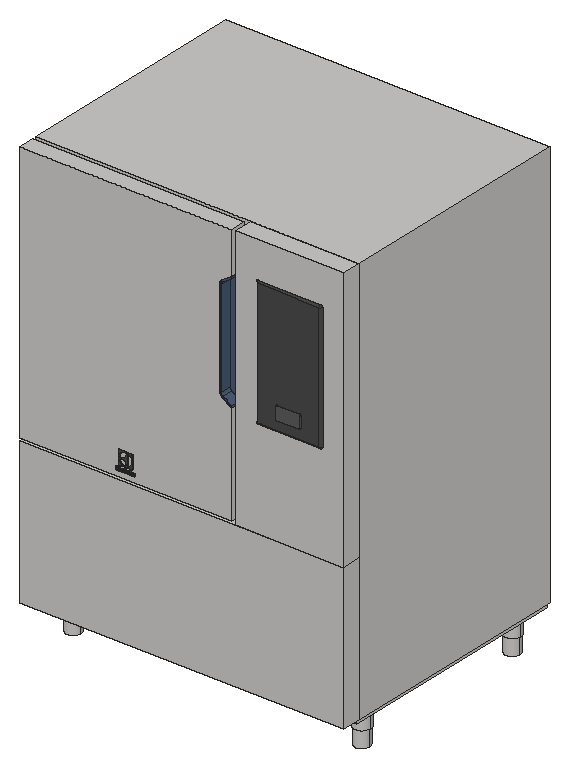
Revit family "QF_ELECTROLUXPROFESSIONAL_727740_EBFA12E", category Specialty Equipment, Revit 2018 (continued)
Automatic sketch dimensions
  Split face 35 sketch curve to Extrusion 4 = 30.031 mm
  Split face 35 sketch curve to Split face 35 sketch curve = 110.016 mm
  Split face 35 sketch curve to Extrusion 4 = 203.478 mm
  Split face 35 sketch curve to Split face 35 sketch curve = 4.974 mm
  Split face 36 sketch curve to Extrusion 4 = 30.031 mm
  Split face 36 sketch curve to Split face 36 sketch curve = 110.016 mm
  Split face 36 sketch curve to Extrusion 4 = 193.978 mm
  Split face 36 sketch curve to Split face 36 sketch curve = 4.974 mm
  Split face 37 sketch curve to Extrusion 4 = 30.031 mm
  Split face 37 sketch curve to Split face 37 sketch curve = 110.016 mm
  Split face 37 sketch curve to Extrusion 4 = 184.478 mm
  Split face 37 sketch curve to Split face 37 sketch curve = 4.974 mm
  Split face 38 sketch curve to Extrusion 4 = 30.031 mm
  Split face 38 sketch curve to Split face 38 sketch curve = 110.016 mm
  Split face 38 sketch curve to Extrusion 4 = 174.978 mm
  Split face 38 sketch curve to Split face 38 sketch curve = 4.974 mm
  Split face 39 sketch curve to Extrusion 4 = 30.031 mm
  Split face 39 sketch curve to Split face 39 sketch curve = 110.016 mm
  Split face 39 sketch curve to Extrusion 4 = 165.478 mm
  Split face 39 sketch curve to Split face 39 sketch curve = 4.974 mm
  Split face 40 sketch curve to Extrusion 4 = 30.031 mm
  Split face 40 sketch curve to Split face 40 sketch curve = 110.016 mm
  Split face 40 sketch curve to Extrusion 4 = 155.978 mm
  Split face 40 sketch curve to Split face 40 sketch curve = 4.974 mm
  Split face 41 sketch curve to Extrusion 4 = 30.031 mm
  Split face 41 sketch curve to Split face 41 sketch curve = 110.016 mm
  Split face 41 sketch curve to Extrusion 4 = 146.478 mm
  Split face 41 sketch curve to Split face 41 sketch curve = 4.974 mm
  Split face 42 sketch curve to Extrusion 4 = 33.499 mm
  Split face 42 sketch curve to Extrusion 4 = 150.022 mm
  Split face 42 sketch curve to Extrusion 4 = 28.525 mm
  Split face 42 sketch curve to Split face 42 sketch curve = 110.016 mm
  Split face 43 sketch curve to Extrusion 4 = 42.999 mm
  Split face 43 sketch curve to Extrusion 4 = 150.022 mm
  Split face 43 sketch curve to Extrusion 4 = 38.025 mm
  Split face 43 sketch curve to Split face 43 sketch curve = 110.016 mm
  Split face 44 sketch curve to Extrusion 4 = 52.499 mm
  Split face 44 sketch curve to Extrusion 4 = 150.022 mm
  Split face 44 sketch curve to Extrusion 4 = 47.525 mm
  Split face 44 sketch curve to Split face 44 sketch curve = 110.016 mm
  Split face 45 sketch curve to Extrusion 4 = 61.999 mm
  Split face 45 sketch curve to Extrusion 4 = 150.022 mm
  Split face 45 sketch curve to Split face 45 sketch curve = 110.016 mm
  Split face 45 sketch curve to Split face 45 sketch curve = 4.974 mm
  Split face 46 sketch curve to Extrusion 4 = 71.499 mm
  Split face 46 sketch curve to Extrusion 4 = 150.022 mm
  Split face 46 sketch curve to Split face 46 sketch curve = 110.016 mm
  Split face 46 sketch curve to Split face 46 sketch curve = 4.974 mm
  Split face 47 sketch curve to Extrusion 4 = 150.022 mm
  Split face 47 sketch curve to Split face 47 sketch curve = 110.016 mm
  Split face 47 sketch curve to Extrusion 4 = 80.999 mm
  Split face 47 sketch curve to Split face 47 sketch curve = 4.974 mm
  Split face 48 sketch curve to Extrusion 4 = 150.022 mm
  Split face 48 sketch curve to Split face 48 sketch curve = 110.016 mm
  Split face 48 sketch curve to Extrusion 4 = 90.499 mm
  Split face 48 sketch curve to Split face 48 sketch curve = 4.974 mm
  Split face 49 sketch curve to Extrusion 4 = 150.022 mm
  Split face 49 sketch curve to Split face 49 sketch curve = 110.016 mm
  Split face 49 sketch curve to Extrusion 4 = 99.999 mm
  Split face 49 sketch curve to Split face 49 sketch curve = 4.974 mm
  Split face 50 sketch curve to Extrusion 4 = 150.022 mm
  Split face 50 sketch curve to Split face 50 sketch curve = 110.016 mm
  Split face 50 sketch curve to Extrusion 4 = 109.499 mm
  Split face 50 sketch curve to Split face 50 sketch curve = 4.974 mm
  Split face 51 sketch curve to Extrusion 4 = 150.022 mm
  Split face 51 sketch curve to Split face 51 sketch curve = 110.016 mm
  Split face 51 sketch curve to Extrusion 4 = 119 mm
  Split face 51 sketch curve to Split face 51 sketch curve = 4.974 mm
  Split face 52 sketch curve to Extrusion 4 = 150.022 mm
  Split face 52 sketch curve to Split face 52 sketch curve = 110.016 mm
  Split face 52 sketch curve to Extrusion 4 = 128.5 mm
  Split face 52 sketch curve to Split face 52 sketch curve = 4.974 mm
  Split face 53 sketch curve to Extrusion 4 = 150.022 mm
  Split face 53 sketch curve to Split face 53 sketch curve = 110.016 mm
  Split face 53 sketch curve to Extrusion 4 = 138 mm
  Split face 53 sketch curve to Split face 53 sketch curve = 4.974 mm
  Split face 54 sketch curve to Extrusion 4 = 150.022 mm
  Split face 54 sketch curve to Split face 54 sketch curve = 110.016 mm
  Split face 54 sketch curve to Extrusion 4 = 147.5 mm
  Split face 54 sketch curve to Split face 54 sketch curve = 4.974 mm
  Split face 55 sketch curve to Extrusion 4 = 150.022 mm
  Split face 55 sketch curve to Split face 55 sketch curve = 110.016 mm
  Split face 55 sketch curve to Extrusion 4 = 157 mm
  Split face 55 sketch curve to Split face 55 sketch curve = 4.974 mm
  Split face 56 sketch curve to Extrusion 4 = 150.022 mm
  Split face 56 sketch curve to Split face 56 sketch curve = 110.016 mm
  Split face 56 sketch curve to Extrusion 4 = 166.5 mm
  Split face 56 sketch curve to Split face 56 sketch curve = 4.974 mm
  Split face 57 sketch curve to Extrusion 4 = 150.022 mm
  Split face 57 sketch curve to Split face 57 sketch curve = 110.016 mm
  Split face 57 sketch curve to Extrusion 4 = 176 mm
  Split face 57 sketch curve to Split face 57 sketch curve = 4.974 mm
  Split face 58 sketch curve to Extrusion 4 = 150.022 mm
  Split face 58 sketch curve to Split face 58 sketch curve = 110.016 mm
  Split face 58 sketch curve to Extrusion 4 = 185.5 mm
  Split face 58 sketch curve to Split face 58 sketch curve = 4.974 mm
  Split face 59 sketch curve to Extrusion 4 = 150.022 mm
  Split face 59 sketch curve to Split face 59 sketch curve = 110.016 mm
  Split face 59 sketch curve to Extrusion 4 = 195 mm
  Split face 59 sketch curve to Split face 59 sketch curve = 4.974 mm
  Split face 60 sketch curve to Extrusion 4 = 150.022 mm
  Split face 60 sketch curve to Split face 60 sketch curve = 110.016 mm
  Split face 60 sketch curve to Extrusion 4 = 204.5 mm
  Split face 60 sketch curve to Split face 60 sketch curve = 4.974 mm
  Split face 61 sketch curve to Extrusion 4 = 150.022 mm
  Split face 61 sketch curve to Split face 61 sketch curve = 110.016 mm
  Split face 61 sketch curve to Extrusion 4 = 214 mm
  Split face 61 sketch curve to Split face 61 sketch curve = 4.974 mm
  Split face 62 sketch curve to Extrusion 4 = 150.022 mm
  Split face 62 sketch curve to Split face 62 sketch curve = 110.016 mm
  Split face 62 sketch curve to Extrusion 4 = 223.5 mm
  Split face 62 sketch curve to Split face 62 sketch curve = 4.974 mm
  Split face 63 sketch curve to Extrusion 4 = 150.022 mm
  Split face 63 sketch curve to Split face 63 sketch curve = 110.016 mm
  Split face 63 sketch curve to Extrusion 4 = 233.001 mm
  Split face 63 sketch curve to Split face 63 sketch curve = 4.974 mm
  Split face 64 sketch curve to Extrusion 4 = 150.022 mm
  Split face 64 sketch curve to Split face 64 sketch curve = 110.016 mm
  Split face 64 sketch curve to Extrusion 4 = 242.501 mm
  Split face 64 sketch curve to Split face 64 sketch curve = 4.974 mm
  Split face 65 sketch curve to Extrusion 4 = 150.022 mm
  Split face 65 sketch curve to Split face 65 sketch curve = 110.016 mm
  Split face 65 sketch curve to Extrusion 4 = 252.001 mm
  Split face 65 sketch curve to Split face 65 sketch curve = 4.974 mm
  Split face 66 sketch curve to Extrusion 4 = 150.022 mm
  Split face 66 sketch curve to Split face 66 sketch curve = 110.016 mm
  Split face 66 sketch curve to Extrusion 4 = 261.501 mm
  Split face 66 sketch curve to Split face 66 sketch curve = 4.974 mm
  Split face 67 sketch curve to Extrusion 4 = 150.022 mm
  Split face 67 sketch curve to Split face 67 sketch curve = 110.016 mm
  Split face 67 sketch curve to Extrusion 4 = 271.001 mm
  Split face 67 sketch curve to Split face 67 sketch curve = 4.974 mm
  Split face 68 sketch curve to Extrusion 4 = 150.022 mm
  Split face 68 sketch curve to Split face 68 sketch curve = 110.016 mm
  Split face 68 sketch curve to Extrusion 4 = 279.479 mm
  Split face 68 sketch curve to Split face 68 sketch curve = 4.974 mm
  Split face 69 sketch curve to Extrusion 4 = 150.022 mm
  Split face 69 sketch curve to Split face 69 sketch curve = 110.016 mm
  Split face 69 sketch curve to Extrusion 4 = 269.979 mm
  Split face 69 sketch curve to Split face 69 sketch curve = 4.974 mm
  Split face 70 sketch curve to Extrusion 4 = 150.022 mm
  Split face 70 sketch curve to Split face 70 sketch curve = 110.016 mm
  Split face 70 sketch curve to Extrusion 4 = 260.479 mm
  Split face 70 sketch curve to Split face 70 sketch curve = 4.974 mm
  Split face 71 sketch curve to Extrusion 4 = 150.022 mm
  Split face 71 sketch curve to Split face 71 sketch curve = 110.016 mm
  Split face 71 sketch curve to Extrusion 4 = 250.978 mm
  Split face 71 sketch curve to Split face 71 sketch curve = 4.974 mm
  Split face 72 sketch curve to Extrusion 4 = 150.022 mm
  Split face 72 sketch curve to Split face 72 sketch curve = 110.016 mm
  Split face 72 sketch curve to Extrusion 4 = 241.478 mm
  Split face 72 sketch curve to Split face 72 sketch curve = 4.974 mm
  Split face 73 sketch curve to Extrusion 4 = 150.022 mm
  Split face 73 sketch curve to Split face 73 sketch curve = 110.016 mm
  Split face 73 sketch curve to Extrusion 4 = 231.978 mm
  Split face 73 sketch curve to Split face 73 sketch curve = 4.974 mm
  Split face 74 sketch curve to Extrusion 4 = 150.022 mm
  Split face 74 sketch curve to Split face 74 sketch curve = 110.016 mm
  Split face 74 sketch curve to Extrusion 4 = 222.478 mm
  Split face 74 sketch curve to Split face 74 sketch curve = 4.974 mm
  Split face 75 sketch curve to Extrusion 4 = 150.022 mm
  Split face 75 sketch curve to Split face 75 sketch curve = 110.016 mm
  Split face 75 sketch curve to Extrusion 4 = 212.978 mm
  Split face 75 sketch curve to Split face 75 sketch curve = 4.974 mm
  Split face 76 sketch curve to Extrusion 4 = 150.022 mm
  Split face 76 sketch curve to Split face 76 sketch curve = 110.016 mm
  Split face 76 sketch curve to Extrusion 4 = 203.478 mm
  Split face 76 sketch curve to Split face 76 sketch curve = 4.974 mm
  Split face 77 sketch curve to Extrusion 4 = 150.022 mm
  Split face 77 sketch curve to Split face 77 sketch curve = 110.016 mm
  Split face 77 sketch curve to Extrusion 4 = 193.978 mm
  Split face 77 sketch curve to Split face 77 sketch curve = 4.974 mm
  Split face 78 sketch curve to Extrusion 4 = 150.022 mm
  Split face 78 sketch curve to Split face 78 sketch curve = 110.016 mm
  Split face 78 sketch curve to Extrusion 4 = 184.478 mm
  Split face 78 sketch curve to Split face 78 sketch curve = 4.974 mm
  Split face 79 sketch curve to Extrusion 4 = 150.022 mm
  Split face 79 sketch curve to Split face 79 sketch curve = 110.016 mm
  Split face 79 sketch curve to Extrusion 4 = 174.978 mm
  Split face 79 sketch curve to Split face 79 sketch curve = 4.974 mm
  Split face 80 sketch curve to Extrusion 4 = 150.022 mm
  Split face 80 sketch curve to Split face 80 sketch curve = 110.016 mm
  Split face 80 sketch curve to Extrusion 4 = 165.478 mm
  Split face 80 sketch curve to Split face 80 sketch curve = 4.974 mm
  Split face 81 sketch curve to Extrusion 4 = 150.022 mm
  Split face 81 sketch curve to Split face 81 sketch curve = 110.016 mm
  Split face 81 sketch curve to Extrusion 4 = 155.978 mm
  Split face 81 sketch curve to Split face 81 sketch curve = 4.974 mm
  Split face 82 sketch curve to Extrusion 4 = 150.022 mm
  Split face 82 sketch curve to Split face 82 sketch curve = 110.016 mm
  Split face 82 sketch curve to Extrusion 4 = 146.478 mm
  Split face 82 sketch curve to Split face 82 sketch curve = 4.974 mm
  Split face 83 sketch curve to Extrusion 4 = 33.499 mm
  Split face 83 sketch curve to Extrusion 4 = 270.014 mm
  Split face 83 sketch curve to Extrusion 4 = 28.525 mm
  Split face 83 sketch curve to Split face 83 sketch curve = 110.016 mm
  Split face 84 sketch curve to Extrusion 4 = 42.999 mm
  Split face 84 sketch curve to Extrusion 4 = 270.014 mm
  Split face 84 sketch curve to Extrusion 4 = 38.025 mm
  Split face 84 sketch curve to Split face 84 sketch curve = 110.016 mm
  Split face 85 sketch curve to Extrusion 4 = 52.499 mm
  Split face 85 sketch curve to Extrusion 4 = 270.014 mm
  Split face 85 sketch curve to Extrusion 4 = 47.525 mm
  Split face 85 sketch curve to Split face 85 sketch curve = 110.016 mm
  Split face 86 sketch curve to Extrusion 4 = 61.999 mm
  Split face 86 sketch curve to Extrusion 4 = 270.014 mm
  Split face 86 sketch curve to Split face 86 sketch curve = 110.016 mm
  Split face 86 sketch curve to Split face 86 sketch curve = 4.974 mm
  Split face 87 sketch curve to Extrusion 4 = 71.499 mm
  Split face 87 sketch curve to Extrusion 4 = 270.014 mm
  Split face 87 sketch curve to Split face 87 sketch curve = 110.016 mm
  Split face 87 sketch curve to Split face 87 sketch curve = 4.974 mm
  Split face 88 sketch curve to Extrusion 4 = 80.999 mm
  Split face 88 sketch curve to Extrusion 4 = 270.014 mm
  Split face 88 sketch curve to Split face 88 sketch curve = 110.016 mm
  Split face 88 sketch curve to Split face 88 sketch curve = 4.974 mm
  Split face 89 sketch curve to Extrusion 4 = 90.499 mm
  Split face 89 sketch curve to Extrusion 4 = 270.014 mm
  Split face 89 sketch curve to Split face 89 sketch curve = 110.016 mm
  Split face 89 sketch curve to Split face 89 sketch curve = 4.974 mm
  Split face 90 sketch curve to Extrusion 4 = 99.999 mm
  Split face 90 sketch curve to Extrusion 4 = 270.014 mm
  Split face 90 sketch curve to Split face 90 sketch curve = 110.016 mm
  Split face 90 sketch curve to Split face 90 sketch curve = 4.974 mm
  Split face 91 sketch curve to Extrusion 4 = 109.499 mm
  Split face 91 sketch curve to Extrusion 4 = 270.014 mm
  Split face 91 sketch curve to Split face 91 sketch curve = 110.016 mm
  Split face 91 sketch curve to Split face 91 sketch curve = 4.974 mm
  Split face 92 sketch curve to Extrusion 4 = 119 mm
  Split face 92 sketch curve to Extrusion 4 = 270.014 mm
  Split face 92 sketch curve to Split face 92 sketch curve = 110.016 mm
  Split face 92 sketch curve to Split face 92 sketch curve = 4.974 mm
  Split face 93 sketch curve to Extrusion 4 = 128.5 mm
  Split face 93 sketch curve to Extrusion 4 = 270.014 mm
  Split face 93 sketch curve to Split face 93 sketch curve = 110.016 mm
  Split face 93 sketch curve to Split face 93 sketch curve = 4.974 mm
  Split face 94 sketch curve to Extrusion 4 = 270.014 mm
  Split face 94 sketch curve to Split face 94 sketch curve = 110.016 mm
  Split face 94 sketch curve to Extrusion 4 = 138 mm
  Split face 94 sketch curve to Split face 94 sketch curve = 4.974 mm
  Split face 95 sketch curve to Extrusion 4 = 270.014 mm
  Split face 95 sketch curve to Split face 95 sketch curve = 110.016 mm
  Split face 95 sketch curve to Extrusion 4 = 147.5 mm
  Split face 95 sketch curve to Split face 95 sketch curve = 4.974 mm
  Split face 96 sketch curve to Extrusion 4 = 270.014 mm
  Split face 96 sketch curve to Split face 96 sketch curve = 110.016 mm
  Split face 96 sketch curve to Extrusion 4 = 157 mm
  Split face 96 sketch curve to Split face 96 sketch curve = 4.974 mm
  Split face 97 sketch curve to Extrusion 4 = 270.014 mm
  Split face 97 sketch curve to Split face 97 sketch curve = 110.016 mm
  Split face 97 sketch curve to Extrusion 4 = 166.5 mm
  Split face 97 sketch curve to Split face 97 sketch curve = 4.974 mm
  Split face 98 sketch curve to Extrusion 4 = 270.014 mm
  Split face 98 sketch curve to Split face 98 sketch curve = 110.016 mm
  Split face 98 sketch curve to Extrusion 4 = 176 mm
  Split face 98 sketch curve to Split face 98 sketch curve = 4.974 mm
  Split face 99 sketch curve to Extrusion 4 = 270.014 mm
  Split face 99 sketch curve to Split face 99 sketch curve = 110.016 mm
  Split face 99 sketch curve to Extrusion 4 = 185.5 mm
  Split face 99 sketch curve to Split face 99 sketch curve = 4.974 mm
  Split face 100 sketch curve to Extrusion 4 = 270.014 mm
  Split face 100 sketch curve to Split face 100 sketch curve = 110.016 mm
  Split face 100 sketch curve to Extrusion 4 = 195 mm
  Split face 100 sketch curve to Split face 100 sketch curve = 4.974 mm
  Split face 101 sketch curve to Extrusion 4 = 270.014 mm
  Split face 101 sketch curve to Split face 101 sketch curve = 110.016 mm
  Split face 101 sketch curve to Extrusion 4 = 204.5 mm
  Split face 101 sketch curve to Split face 101 sketch curve = 4.974 mm
  Split face 102 sketch curve to Extrusion 4 = 270.014 mm
  Split face 102 sketch curve to Split face 102 sketch curve = 110.016 mm
  Split face 102 sketch curve to Extrusion 4 = 214 mm
  Split face 102 sketch curve to Split face 102 sketch curve = 4.974 mm
  Split face 103 sketch curve to Extrusion 4 = 270.014 mm
  Split face 103 sketch curve to Split face 103 sketch curve = 110.016 mm
  Split face 103 sketch curve to Extrusion 4 = 223.5 mm
  Split face 103 sketch curve to Split face 103 sketch curve = 4.974 mm
  Split face 104 sketch curve to Extrusion 4 = 270.014 mm
  Split face 104 sketch curve to Split face 104 sketch curve = 110.016 mm
  Split face 104 sketch curve to Extrusion 4 = 233.001 mm
  Split face 104 sketch curve to Split face 104 sketch curve = 4.974 mm
  Split face 105 sketch curve to Extrusion 4 = 270.014 mm
  Split face 105 sketch curve to Split face 105 sketch curve = 110.016 mm
  Split face 105 sketch curve to Extrusion 4 = 242.501 mm
  Split face 105 sketch curve to Split face 105 sketch curve = 4.974 mm
  Split face 106 sketch curve to Extrusion 4 = 270.014 mm
  Split face 106 sketch curve to Split face 106 sketch curve = 110.016 mm
  Split face 106 sketch curve to Extrusion 4 = 252.001 mm
  Split face 106 sketch curve to Split face 106 sketch curve = 4.974 mm
  Split face 107 sketch curve to Extrusion 4 = 270.014 mm
  Split face 107 sketch curve to Split face 107 sketch curve = 110.016 mm
  Split face 107 sketch curve to Extrusion 4 = 261.501 mm
  Split face 107 sketch curve to Split face 107 sketch curve = 4.974 mm
  Split face 108 sketch curve to Extrusion 4 = 270.014 mm
  Split face 108 sketch curve to Split face 108 sketch curve = 110.016 mm
  Split face 108 sketch curve to Extrusion 4 = 271.001 mm
  Split face 108 sketch curve to Split face 108 sketch curve = 4.974 mm
  Split face 109 sketch curve to Extrusion 4 = 270.014 mm
  Split face 109 sketch curve to Split face 109 sketch curve = 110.016 mm
  Split face 109 sketch curve to Extrusion 4 = 279.479 mm
  Split face 109 sketch curve to Split face 109 sketch curve = 4.974 mm
  Split face 110 sketch curve to Extrusion 4 = 270.014 mm
  Split face 110 sketch curve to Split face 110 sketch curve = 110.016 mm
  Split face 110 sketch curve to Extrusion 4 = 269.979 mm
  Split face 110 sketch curve to Split face 110 sketch curve = 4.974 mm
  Split face 111 sketch curve to Extrusion 4 = 270.014 mm
  Split face 111 sketch curve to Split face 111 sketch curve = 110.016 mm
  Split face 111 sketch curve to Extrusion 4 = 260.479 mm
  Split face 111 sketch curve to Split face 111 sketch curve = 4.974 mm
  Split face 112 sketch curve to Extrusion 4 = 270.014 mm
  Split face 112 sketch curve to Split face 112 sketch curve = 110.016 mm
  Split face 112 sketch curve to Extrusion 4 = 250.978 mm
  Split face 112 sketch curve to Split face 112 sketch curve = 4.974 mm
  Split face 113 sketch curve to Extrusion 4 = 270.014 mm
  Split face 113 sketch curve to Split face 113 sketch curve = 110.016 mm
  Split face 113 sketch curve to Extrusion 4 = 241.478 mm
  Split face 113 sketch curve to Split face 113 sketch curve = 4.974 mm
  Split face 114 sketch curve to Extrusion 4 = 270.014 mm
  Split face 114 sketch curve to Split face 114 sketch curve = 110.016 mm
  Split face 114 sketch curve to Extrusion 4 = 231.978 mm
  Split face 114 sketch curve to Split face 114 sketch curve = 4.974 mm
  Split face 115 sketch curve to Extrusion 4 = 270.014 mm
  Split face 115 sketch curve to Split face 115 sketch curve = 110.016 mm
  Split face 115 sketch curve to Extrusion 4 = 222.478 mm
  Split face 115 sketch curve to Split face 115 sketch curve = 4.974 mm
  Split face 116 sketch curve to Extrusion 4 = 270.014 mm
  Split face 116 sketch curve to Split face 116 sketch curve = 110.016 mm
  Split face 116 sketch curve to Extrusion 4 = 212.978 mm
  Split face 116 sketch curve to Split face 116 sketch curve = 4.974 mm
  Split face 117 sketch curve to Extrusion 4 = 270.014 mm
  Split face 117 sketch curve to Split face 117 sketch curve = 110.016 mm
  Split face 117 sketch curve to Extrusion 4 = 203.478 mm
  Split face 117 sketch curve to Split face 117 sketch curve = 4.974 mm
  Split face 118 sketch curve to Extrusion 4 = 270.014 mm
  Split face 118 sketch curve to Split face 118 sketch curve = 110.016 mm
  Split face 118 sketch curve to Extrusion 4 = 193.978 mm
  Split face 118 sketch curve to Split face 118 sketch curve = 4.974 mm
  Split face 119 sketch curve to Extrusion 4 = 270.014 mm
  Split face 119 sketch curve to Split face 119 sketch curve = 110.016 mm
  Split face 119 sketch curve to Extrusion 4 = 184.478 mm
  Split face 119 sketch curve to Split face 119 sketch curve = 4.974 mm
  Split face 120 sketch curve to Extrusion 4 = 270.014 mm
  Split face 120 sketch curve to Split face 120 sketch curve = 110.016 mm
  Split face 120 sketch curve to Extrusion 4 = 174.978 mm
  Split face 120 sketch curve to Split face 120 sketch curve = 4.974 mm
  Split face 121 sketch curve to Extrusion 4 = 270.014 mm
  Split face 121 sketch curve to Split face 121 sketch curve = 110.016 mm
  Split face 121 sketch curve to Extrusion 4 = 165.478 mm
  Split face 121 sketch curve to Split face 121 sketch curve = 4.974 mm
  Split face 122 sketch curve to Extrusion 4 = 270.014 mm
  Split face 122 sketch curve to Split face 122 sketch curve = 110.016 mm
  Split face 122 sketch curve to Extrusion 4 = 155.978 mm
  Split face 122 sketch curve to Split face 122 sketch curve = 4.974 mm
  Split face 123 sketch curve to Extrusion 4 = 270.014 mm
  Split face 123 sketch curve to Split face 123 sketch curve = 110.016 mm
  Split face 123 sketch curve to Extrusion 4 = 146.478 mm
  Split face 123 sketch curve to Split face 123 sketch curve = 4.974 mm
  Split face 124 sketch curve to Extrusion 4 = 33.499 mm
  Split face 124 sketch curve to Extrusion 4 = 390.005 mm
  Split face 124 sketch curve to Extrusion 4 = 28.525 mm
  Split face 124 sketch curve to Split face 124 sketch curve = 110.016 mm
  Split face 125 sketch curve to Extrusion 4 = 42.999 mm
  Split face 125 sketch curve to Extrusion 4 = 390.005 mm
  Split face 125 sketch curve to Extrusion 4 = 38.025 mm
  Split face 125 sketch curve to Split face 125 sketch curve = 110.016 mm
  Split face 126 sketch curve to Extrusion 4 = 52.499 mm
  Split face 126 sketch curve to Extrusion 4 = 390.005 mm
  Split face 126 sketch curve to Extrusion 4 = 47.525 mm
  Split face 126 sketch curve to Split face 126 sketch curve = 110.016 mm
  Split face 127 sketch curve to Extrusion 4 = 61.999 mm
  Split face 127 sketch curve to Extrusion 4 = 390.005 mm
  Split face 127 sketch curve to Split face 127 sketch curve = 110.016 mm
  Split face 127 sketch curve to Split face 127 sketch curve = 4.974 mm
  Split face 128 sketch curve to Extrusion 4 = 71.499 mm
  Split face 128 sketch curve to Extrusion 4 = 390.005 mm
  Split face 128 sketch curve to Split face 128 sketch curve = 110.016 mm
  Split face 128 sketch curve to Split face 128 sketch curve = 4.974 mm
  Split face 129 sketch curve to Extrusion 4 = 80.999 mm
  Split face 129 sketch curve to Extrusion 4 = 390.005 mm
  Split face 129 sketch curve to Split face 129 sketch curve = 110.016 mm
  Split face 129 sketch curve to Split face 129 sketch curve = 4.974 mm
  Split face 130 sketch curve to Extrusion 4 = 90.499 mm
  Split face 130 sketch curve to Extrusion 4 = 390.005 mm
  Split face 130 sketch curve to Split face 130 sketch curve = 110.016 mm
  Split face 130 sketch curve to Split face 130 sketch curve = 4.974 mm
  Split face 131 sketch curve to Extrusion 4 = 99.999 mm
  Split face 131 sketch curve to Extrusion 4 = 390.005 mm
  Split face 131 sketch curve to Split face 131 sketch curve = 110.016 mm
  Split face 131 sketch curve to Split face 131 sketch curve = 4.974 mm
  Split face 132 sketch curve to Extrusion 4 = 109.499 mm
  Split face 132 sketch curve to Extrusion 4 = 390.005 mm
  Split face 132 sketch curve to Split face 132 sketch curve = 110.016 mm
  Split face 132 sketch curve to Split face 132 sketch curve = 4.974 mm
  Split face 133 sketch curve to Extrusion 4 = 119 mm
  Split face 133 sketch curve to Extrusion 4 = 390.005 mm
  Split face 133 sketch curve to Split face 133 sketch curve = 110.016 mm
  Split face 133 sketch curve to Split face 133 sketch curve = 4.974 mm
  Split face 134 sketch curve to Extrusion 4 = 128.5 mm
  Split face 134 sketch curve to Extrusion 4 = 390.005 mm
  Split face 134 sketch curve to Split face 134 sketch curve = 110.016 mm
  Split face 134 sketch curve to Split face 134 sketch curve = 4.974 mm
  Split face 135 sketch curve to Extrusion 4 = 138 mm
  Split face 135 sketch curve to Extrusion 4 = 390.005 mm
  Split face 135 sketch curve to Split face 135 sketch curve = 110.016 mm
  Split face 135 sketch curve to Split face 135 sketch curve = 4.974 mm
  Split face 136 sketch curve to Extrusion 4 = 147.5 mm
  Split face 136 sketch curve to Extrusion 4 = 390.005 mm
  Split face 136 sketch curve to Split face 136 sketch curve = 110.016 mm
  Split face 136 sketch curve to Split face 136 sketch curve = 4.974 mm
  Split face 137 sketch curve to Extrusion 4 = 157 mm
  Split face 137 sketch curve to Extrusion 4 = 390.005 mm
  Split face 137 sketch curve to Split face 137 sketch curve = 110.016 mm
  Split face 137 sketch curve to Split face 137 sketch curve = 4.974 mm
  Split face 138 sketch curve to Extrusion 4 = 166.5 mm
  Split face 138 sketch curve to Extrusion 4 = 390.005 mm
  Split face 138 sketch curve to Split face 138 sketch curve = 110.016 mm
  Split face 138 sketch curve to Split face 138 sketch curve = 4.974 mm
  Split face 139 sketch curve to Extrusion 4 = 176 mm
  Split face 139 sketch curve to Extrusion 4 = 390.005 mm
  Split face 139 sketch curve to Split face 139 sketch curve = 110.016 mm
  Split face 139 sketch curve to Split face 139 sketch curve = 4.974 mm
  Split face 140 sketch curve to Extrusion 4 = 185.5 mm
  Split face 140 sketch curve to Extrusion 4 = 390.005 mm
  Split face 140 sketch curve to Split face 140 sketch curve = 110.016 mm
  Split face 140 sketch curve to Split face 140 sketch curve = 4.974 mm
  Split face 141 sketch curve to Extrusion 4 = 195 mm
  Split face 141 sketch curve to Extrusion 4 = 390.005 mm
  Split face 141 sketch curve to Split face 141 sketch curve = 110.016 mm
  Split face 141 sketch curve to Split face 141 sketch curve = 4.974 mm
  Split face 142 sketch curve to Extrusion 4 = 390.005 mm
  Split face 142 sketch curve to Split face 142 sketch curve = 110.016 mm
  Split face 142 sketch curve to Extrusion 4 = 204.5 mm
  Split face 142 sketch curve to Split face 142 sketch curve = 4.974 mm
  Split face 143 sketch curve to Extrusion 4 = 390.005 mm
  Split face 143 sketch curve to Split face 143 sketch curve = 110.016 mm
  Split face 143 sketch curve to Extrusion 4 = 214 mm
  Split face 143 sketch curve to Split face 143 sketch curve = 4.974 mm
  Split face 144 sketch curve to Extrusion 4 = 390.005 mm
  Split face 144 sketch curve to Split face 144 sketch curve = 110.016 mm
  Split face 144 sketch curve to Extrusion 4 = 223.5 mm
  Split face 144 sketch curve to Split face 144 sketch curve = 4.974 mm
  Split face 145 sketch curve to Extrusion 4 = 390.005 mm
  Split face 145 sketch curve to Split face 145 sketch curve = 110.016 mm
  Split face 145 sketch curve to Extrusion 4 = 233.001 mm
  Split face 145 sketch curve to Split face 145 sketch curve = 4.974 mm
  Split face 146 sketch curve to Extrusion 4 = 390.005 mm
  Split face 146 sketch curve to Split face 146 sketch curve = 110.016 mm
  Split face 146 sketch curve to Extrusion 4 = 242.501 mm
  Split face 146 sketch curve to Split face 146 sketch curve = 4.974 mm
  Split face 147 sketch curve to Extrusion 4 = 390.005 mm
  Split face 147 sketch curve to Split face 147 sketch curve = 110.016 mm
  Split face 147 sketch curve to Extrusion 4 = 252.001 mm
  Split face 147 sketch curve to Split face 147 sketch curve = 4.974 mm
  Split face 148 sketch curve to Extrusion 4 = 390.005 mm
  Split face 148 sketch curve to Split face 148 sketch curve = 110.016 mm
  Split face 148 sketch curve to Extrusion 4 = 261.501 mm
  Split face 148 sketch curve to Split face 148 sketch curve = 4.974 mm
  Split face 149 sketch curve to Extrusion 4 = 390.005 mm
  Split face 149 sketch curve to Split face 149 sketch curve = 110.016 mm
  Split face 149 sketch curve to Extrusion 4 = 271.001 mm
  Split face 149 sketch curve to Split face 149 sketch curve = 4.974 mm
  Split face 150 sketch curve to Extrusion 4 = 390.005 mm
  Split face 150 sketch curve to Split face 150 sketch curve = 110.016 mm
  Split face 150 sketch curve to Extrusion 4 = 279.479 mm
  Split face 150 sketch curve to Split face 150 sketch curve = 4.974 mm
  Split face 151 sketch curve to Extrusion 4 = 390.005 mm
  Split face 151 sketch curve to Split face 151 sketch curve = 110.016 mm
  Split face 151 sketch curve to Extrusion 4 = 269.979 mm
  Split face 151 sketch curve to Split face 151 sketch curve = 4.974 mm
  Split face 152 sketch curve to Extrusion 4 = 390.005 mm
  Split face 152 sketch curve to Split face 152 sketch curve = 110.016 mm
  Split face 152 sketch curve to Extrusion 4 = 260.479 mm
  Split face 152 sketch curve to Split face 152 sketch curve = 4.974 mm
  Split face 153 sketch curve to Extrusion 4 = 390.005 mm
  Split face 153 sketch curve to Split face 153 sketch curve = 110.016 mm
  Split face 153 sketch curve to Extrusion 4 = 250.978 mm
  Split face 153 sketch curve to Split face 153 sketch curve = 4.974 mm
  Split face 154 sketch curve to Extrusion 4 = 390.005 mm
  Split face 154 sketch curve to Split face 154 sketch curve = 110.016 mm
  Split face 154 sketch curve to Extrusion 4 = 241.478 mm
  Split face 154 sketch curve to Split face 154 sketch curve = 4.974 mm
  Split face 155 sketch curve to Extrusion 4 = 390.005 mm
  Split face 155 sketch curve to Split face 155 sketch curve = 110.016 mm
  Split face 155 sketch curve to Extrusion 4 = 231.978 mm
  Split face 155 sketch curve to Split face 155 sketch curve = 4.974 mm
  Split face 156 sketch curve to Extrusion 4 = 390.005 mm
  Split face 156 sketch curve to Split face 156 sketch curve = 110.016 mm
  Split face 156 sketch curve to Extrusion 4 = 222.478 mm
  Split face 156 sketch curve to Split face 156 sketch curve = 4.974 mm
  Split face 157 sketch curve to Extrusion 4 = 390.005 mm
  Split face 157 sketch curve to Split face 157 sketch curve = 110.016 mm
  Split face 157 sketch curve to Extrusion 4 = 212.978 mm
  Split face 157 sketch curve to Split face 157 sketch curve = 4.974 mm
  Split face 158 sketch curve to Extrusion 4 = 390.005 mm
  Split face 158 sketch curve to Split face 158 sketch curve = 110.016 mm
  Split face 158 sketch curve to Extrusion 4 = 203.478 mm
  Split face 158 sketch curve to Split face 158 sketch curve = 4.974 mm
  Split face 159 sketch curve to Extrusion 4 = 193.978 mm
  Split face 159 sketch curve to Extrusion 4 = 390.005 mm
  Split face 159 sketch curve to Split face 159 sketch curve = 110.016 mm
  Split face 159 sketch curve to Split face 159 sketch curve = 4.974 mm
  Split face 160 sketch curve to Extrusion 4 = 184.478 mm
  Split face 160 sketch curve to Extrusion 4 = 390.005 mm
  Split face 160 sketch curve to Split face 160 sketch curve = 110.016 mm
  Split face 160 sketch curve to Split face 160 sketch curve = 4.974 mm
  Split face 161 sketch curve to Extrusion 4 = 174.978 mm
  Split face 161 sketch curve to Extrusion 4 = 390.005 mm
  Split face 161 sketch curve to Split face 161 sketch curve = 110.016 mm
  Split face 161 sketch curve to Split face 161 sketch curve = 4.974 mm
  Split face 162 sketch curve to Extrusion 4 = 165.478 mm
  Split face 162 sketch curve to Extrusion 4 = 390.005 mm
  Split face 162 sketch curve to Split face 162 sketch curve = 110.016 mm
  Split face 162 sketch curve to Split face 162 sketch curve = 4.974 mm
  Split face 163 sketch curve to Extrusion 4 = 155.978 mm
  Split face 163 sketch curve to Extrusion 4 = 390.005 mm
  Split face 163 sketch curve to Split face 163 sketch curve = 110.016 mm
  Split face 163 sketch curve to Split face 163 sketch curve = 4.974 mm
  Split face 164 sketch curve to Extrusion 4 = 146.478 mm
  Split face 164 sketch curve to Extrusion 4 = 390.005 mm
  Split face 164 sketch curve to Split face 164 sketch curve = 110.016 mm
  Split face 164 sketch curve to Split face 164 sketch curve = 4.974 mm
  Split face 165 sketch curve to Extrusion 4 = 33.499 mm
  Split face 165 sketch curve to Extrusion 4 = 380.03 mm
  Split face 165 sketch curve to Extrusion 4 = 28.525 mm
  Split face 165 sketch curve to Split face 165 sketch curve = 110.016 mm
  Split face 166 sketch curve to Extrusion 4 = 42.999 mm
  Split face 166 sketch curve to Extrusion 4 = 380.03 mm
  Split face 166 sketch curve to Extrusion 4 = 38.025 mm
  Split face 166 sketch curve to Split face 166 sketch curve = 110.016 mm
  Split face 167 sketch curve to Extrusion 4 = 52.499 mm
  Split face 167 sketch curve to Extrusion 4 = 380.03 mm
  Split face 167 sketch curve to Extrusion 4 = 47.525 mm
  Split face 167 sketch curve to Split face 167 sketch curve = 110.016 mm
  Split face 168 sketch curve to Extrusion 4 = 61.999 mm
  Split face 168 sketch curve to Extrusion 4 = 380.03 mm
  Split face 168 sketch curve to Split face 168 sketch curve = 110.016 mm
  Split face 168 sketch curve to Split face 168 sketch curve = 4.974 mm
  Split face 169 sketch curve to Extrusion 4 = 71.499 mm
  Split face 169 sketch curve to Extrusion 4 = 380.03 mm
  Split face 169 sketch curve to Split face 169 sketch curve = 110.016 mm
  Split face 169 sketch curve to Split face 169 sketch curve = 4.974 mm
  Split face 170 sketch curve to Extrusion 4 = 80.999 mm
  Split face 170 sketch curve to Extrusion 4 = 380.03 mm
  Split face 170 sketch curve to Split face 170 sketch curve = 110.016 mm
  Split face 170 sketch curve to Split face 170 sketch curve = 4.974 mm
  Split face 171 sketch curve to Extrusion 4 = 90.499 mm
  Split face 171 sketch curve to Extrusion 4 = 380.03 mm
  Split face 171 sketch curve to Split face 171 sketch curve = 110.016 mm
  Split face 171 sketch curve to Split face 171 sketch curve = 4.974 mm
  Split face 172 sketch curve to Extrusion 4 = 99.999 mm
  Split face 172 sketch curve to Extrusion 4 = 380.03 mm
  Split face 172 sketch curve to Split face 172 sketch curve = 110.016 mm
  Split face 172 sketch curve to Split face 172 sketch curve = 4.974 mm
  Split face 173 sketch curve to Extrusion 4 = 109.499 mm
  Split face 173 sketch curve to Extrusion 4 = 380.03 mm
  Split face 173 sketch curve to Split face 173 sketch curve = 110.016 mm
  Split face 173 sketch curve to Split face 173 sketch curve = 4.974 mm
  Split face 174 sketch curve to Extrusion 4 = 119 mm
  Split face 174 sketch curve to Extrusion 4 = 380.03 mm
  Split face 174 sketch curve to Split face 174 sketch curve = 110.016 mm
  Split face 174 sketch curve to Split face 174 sketch curve = 4.974 mm
  Split face 175 sketch curve to Extrusion 4 = 128.5 mm
  Split face 175 sketch curve to Extrusion 4 = 380.03 mm
  Split face 175 sketch curve to Split face 175 sketch curve = 110.016 mm
  Split face 175 sketch curve to Split face 175 sketch curve = 4.974 mm
  Split face 176 sketch curve to Extrusion 4 = 138 mm
  Split face 176 sketch curve to Extrusion 4 = 380.03 mm
  Split face 176 sketch curve to Split face 176 sketch curve = 110.016 mm
  Split face 176 sketch curve to Split face 176 sketch curve = 4.974 mm
  Split face 177 sketch curve to Extrusion 4 = 147.5 mm
  Split face 177 sketch curve to Extrusion 4 = 380.03 mm
  Split face 177 sketch curve to Split face 177 sketch curve = 110.016 mm
  Split face 177 sketch curve to Split face 177 sketch curve = 4.974 mm
  Split face 178 sketch curve to Extrusion 4 = 157 mm
  Split face 178 sketch curve to Extrusion 4 = 380.03 mm
  Split face 178 sketch curve to Split face 178 sketch curve = 110.016 mm
  Split face 178 sketch curve to Split face 178 sketch curve = 4.974 mm
  Split face 179 sketch curve to Extrusion 4 = 166.5 mm
  Split face 179 sketch curve to Extrusion 4 = 380.03 mm
  Split face 179 sketch curve to Split face 179 sketch curve = 110.016 mm
  Split face 179 sketch curve to Split face 179 sketch curve = 4.974 mm
  Split face 180 sketch curve to Extrusion 4 = 176 mm
  Split face 180 sketch curve to Extrusion 4 = 380.03 mm
  Split face 180 sketch curve to Split face 180 sketch curve = 110.016 mm
  Split face 180 sketch curve to Split face 180 sketch curve = 4.974 mm
  Split face 181 sketch curve to Extrusion 4 = 185.5 mm
  Split face 181 sketch curve to Extrusion 4 = 380.03 mm
  Split face 181 sketch curve to Split face 181 sketch curve = 110.016 mm
  Split face 181 sketch curve to Split face 181 sketch curve = 4.974 mm
  Split face 182 sketch curve to Extrusion 4 = 380.03 mm
  Split face 182 sketch curve to Split face 182 sketch curve = 110.016 mm
  Split face 182 sketch curve to Extrusion 4 = 195 mm
  Split face 182 sketch curve to Split face 182 sketch curve = 4.974 mm
  Split face 183 sketch curve to Extrusion 4 = 380.03 mm
  Split face 183 sketch curve to Split face 183 sketch curve = 110.016 mm
  Split face 183 sketch curve to Extrusion 4 = 204.5 mm
  Split face 183 sketch curve to Split face 183 sketch curve = 4.974 mm
  Split face 184 sketch curve to Extrusion 4 = 380.03 mm
  Split face 184 sketch curve to Split face 184 sketch curve = 110.016 mm
  Split face 184 sketch curve to Extrusion 4 = 214 mm
  Split face 184 sketch curve to Split face 184 sketch curve = 4.974 mm
  Split face 185 sketch curve to Extrusion 4 = 380.03 mm
  Split face 185 sketch curve to Split face 185 sketch curve = 110.016 mm
  Split face 185 sketch curve to Extrusion 4 = 223.5 mm
  Split face 185 sketch curve to Split face 185 sketch curve = 4.974 mm
  Split face 186 sketch curve to Extrusion 4 = 380.03 mm
  Split face 186 sketch curve to Split face 186 sketch curve = 110.016 mm
  Split face 186 sketch curve to Extrusion 4 = 233.001 mm
  Split face 186 sketch curve to Split face 186 sketch curve = 4.974 mm
  Split face 187 sketch curve to Extrusion 4 = 380.03 mm
  Split face 187 sketch curve to Split face 187 sketch curve = 110.016 mm
  Split face 187 sketch curve to Extrusion 4 = 242.501 mm
  Split face 187 sketch curve to Split face 187 sketch curve = 4.974 mm
  Split face 188 sketch curve to Extrusion 4 = 380.03 mm
  Split face 188 sketch curve to Split face 188 sketch curve = 110.016 mm
  Split face 188 sketch curve to Extrusion 4 = 252.001 mm
  Split face 188 sketch curve to Split face 188 sketch curve = 4.974 mm
  Split face 189 sketch curve to Extrusion 4 = 380.03 mm
  Split face 189 sketch curve to Split face 189 sketch curve = 110.016 mm
  Split face 189 sketch curve to Extrusion 4 = 261.501 mm
  Split face 189 sketch curve to Split face 189 sketch curve = 4.974 mm
  Split face 190 sketch curve to Extrusion 4 = 380.03 mm
  Split face 190 sketch curve to Split face 190 sketch curve = 110.016 mm
  Split face 190 sketch curve to Extrusion 4 = 271.001 mm
  Split face 190 sketch curve to Split face 190 sketch curve = 4.974 mm
  Split face 191 sketch curve to Extrusion 4 = 380.03 mm
  Split face 191 sketch curve to Split face 191 sketch curve = 110.016 mm
  Split face 191 sketch curve to Extrusion 4 = 279.479 mm
  Split face 191 sketch curve to Split face 191 sketch curve = 4.974 mm
  Split face 192 sketch curve to Extrusion 4 = 380.03 mm
  Split face 192 sketch curve to Split face 192 sketch curve = 110.016 mm
  Split face 192 sketch curve to Extrusion 4 = 269.979 mm
  Split face 192 sketch curve to Split face 192 sketch curve = 4.974 mm
  Split face 193 sketch curve to Extrusion 4 = 380.03 mm
  Split face 193 sketch curve to Split face 193 sketch curve = 110.016 mm
  Split face 193 sketch curve to Extrusion 4 = 260.479 mm
  Split face 193 sketch curve to Split face 193 sketch curve = 4.974 mm
  Split face 194 sketch curve to Extrusion 4 = 380.03 mm
  Split face 194 sketch curve to Split face 194 sketch curve = 110.016 mm
  Split face 194 sketch curve to Extrusion 4 = 250.978 mm
  Split face 194 sketch curve to Split face 194 sketch curve = 4.974 mm
  Split face 195 sketch curve to Extrusion 4 = 380.03 mm
  Split face 195 sketch curve to Split face 195 sketch curve = 110.016 mm
  Split face 195 sketch curve to Extrusion 4 = 241.478 mm
  Split face 195 sketch curve to Split face 195 sketch curve = 4.974 mm
  Split face 196 sketch curve to Extrusion 4 = 380.03 mm
  Split face 196 sketch curve to Split face 196 sketch curve = 110.016 mm
  Split face 196 sketch curve to Extrusion 4 = 231.978 mm
  Split face 196 sketch curve to Split face 196 sketch curve = 4.974 mm
  Split face 197 sketch curve to Extrusion 4 = 380.03 mm
  Split face 197 sketch curve to Split face 197 sketch curve = 110.016 mm
  Split face 197 sketch curve to Extrusion 4 = 222.478 mm
  Split face 197 sketch curve to Split face 197 sketch curve = 4.974 mm
  Split face 198 sketch curve to Extrusion 4 = 380.03 mm
  Split face 198 sketch curve to Split face 198 sketch curve = 110.016 mm
  Split face 198 sketch curve to Extrusion 4 = 212.978 mm
  Split face 198 sketch curve to Split face 198 sketch curve = 4.974 mm
  Split face 199 sketch curve to Extrusion 4 = 380.03 mm
  Split face 199 sketch curve to Split face 199 sketch curve = 110.016 mm
  Split face 199 sketch curve to Extrusion 4 = 203.478 mm
  Split face 199 sketch curve to Split face 199 sketch curve = 4.974 mm
  Split face 200 sketch curve to Extrusion 4 = 380.03 mm
  Split face 200 sketch curve to Split face 200 sketch curve = 110.016 mm
  Split face 200 sketch curve to Extrusion 4 = 193.978 mm
  Split face 200 sketch curve to Split face 200 sketch curve = 4.974 mm
  Split face 201 sketch curve to Extrusion 4 = 184.478 mm
  Split face 201 sketch curve to Extrusion 4 = 380.03 mm
  Split face 201 sketch curve to Split face 201 sketch curve = 110.016 mm
  Split face 201 sketch curve to Split face 201 sketch curve = 4.974 mm
  Split face 202 sketch curve to Extrusion 4 = 174.978 mm
  Split face 202 sketch curve to Extrusion 4 = 380.03 mm
  Split face 202 sketch curve to Split face 202 sketch curve = 110.016 mm
  Split face 202 sketch curve to Split face 202 sketch curve = 4.974 mm
  Split face 203 sketch curve to Extrusion 4 = 165.478 mm
  Split face 203 sketch curve to Extrusion 4 = 380.03 mm
  Split face 203 sketch curve to Split face 203 sketch curve = 110.016 mm
  Split face 203 sketch curve to Split face 203 sketch curve = 4.974 mm
  Split face 204 sketch curve to Extrusion 4 = 155.978 mm
  Split face 204 sketch curve to Extrusion 4 = 380.03 mm
  Split face 204 sketch curve to Split face 204 sketch curve = 110.016 mm
  Split face 204 sketch curve to Split face 204 sketch curve = 4.974 mm
  Split face 205 sketch curve to Extrusion 4 = 146.478 mm
  Split face 205 sketch curve to Extrusion 4 = 380.03 mm
  Split face 205 sketch curve to Split face 205 sketch curve = 110.016 mm
  Split face 205 sketch curve to Split face 205 sketch curve = 4.974 mm
  Split face 206 sketch curve to Extrusion 4 = 33.499 mm
  Split face 206 sketch curve to Extrusion 4 = 260.039 mm
  Split face 206 sketch curve to Extrusion 4 = 28.525 mm
  Split face 206 sketch curve to Split face 206 sketch curve = 110.016 mm
  Split face 207 sketch curve to Extrusion 4 = 42.999 mm
  Split face 207 sketch curve to Extrusion 4 = 260.039 mm
  Split face 207 sketch curve to Extrusion 4 = 38.025 mm
  Split face 207 sketch curve to Split face 207 sketch curve = 110.016 mm
  Split face 208 sketch curve to Extrusion 4 = 52.499 mm
  Split face 208 sketch curve to Extrusion 4 = 260.039 mm
  Split face 208 sketch curve to Extrusion 4 = 47.525 mm
  Split face 208 sketch curve to Split face 208 sketch curve = 110.016 mm
  Split face 209 sketch curve to Extrusion 4 = 61.999 mm
  Split face 209 sketch curve to Extrusion 4 = 260.039 mm
  Split face 209 sketch curve to Split face 209 sketch curve = 110.016 mm
  Split face 209 sketch curve to Split face 209 sketch curve = 4.974 mm
  Split face 210 sketch curve to Extrusion 4 = 71.499 mm
  Split face 210 sketch curve to Extrusion 4 = 260.039 mm
  Split face 210 sketch curve to Split face 210 sketch curve = 110.016 mm
  Split face 210 sketch curve to Split face 210 sketch curve = 4.974 mm
  Split face 211 sketch curve to Extrusion 4 = 80.999 mm
  Split face 211 sketch curve to Extrusion 4 = 260.039 mm
  Split face 211 sketch curve to Split face 211 sketch curve = 110.016 mm
  Split face 211 sketch curve to Split face 211 sketch curve = 4.974 mm
  Split face 212 sketch curve to Extrusion 4 = 90.499 mm
  Split face 212 sketch curve to Extrusion 4 = 260.039 mm
  Split face 212 sketch curve to Split face 212 sketch curve = 110.016 mm
  Split face 212 sketch curve to Split face 212 sketch curve = 4.974 mm
  Split face 213 sketch curve to Extrusion 4 = 99.999 mm
  Split face 213 sketch curve to Extrusion 4 = 260.039 mm
  Split face 213 sketch curve to Split face 213 sketch curve = 110.016 mm
  Split face 213 sketch curve to Split face 213 sketch curve = 4.974 mm
  Split face 214 sketch curve to Extrusion 4 = 109.499 mm
  Split face 214 sketch curve to Extrusion 4 = 260.039 mm
  Split face 214 sketch curve to Split face 214 sketch curve = 110.016 mm
  Split face 214 sketch curve to Split face 214 sketch curve = 4.974 mm
  Split face 215 sketch curve to Extrusion 4 = 119 mm
  Split face 215 sketch curve to Extrusion 4 = 260.039 mm
  Split face 215 sketch curve to Split face 215 sketch curve = 110.016 mm
  Split face 215 sketch curve to Split face 215 sketch curve = 4.974 mm
  Split face 216 sketch curve to Extrusion 4 = 128.5 mm
  Split face 216 sketch curve to Extrusion 4 = 260.039 mm
  Split face 216 sketch curve to Split face 216 sketch curve = 110.016 mm
  Split face 216 sketch curve to Split face 216 sketch curve = 4.974 mm
  Split face 217 sketch curve to Extrusion 4 = 260.039 mm
  Split face 217 sketch curve to Split face 217 sketch curve = 110.016 mm
  Split face 217 sketch curve to Extrusion 4 = 138 mm
  Split face 217 sketch curve to Split face 217 sketch curve = 4.974 mm
  Split face 218 sketch curve to Extrusion 4 = 260.039 mm
  Split face 218 sketch curve to Split face 218 sketch curve = 110.016 mm
  Split face 218 sketch curve to Extrusion 4 = 147.5 mm
  Split face 218 sketch curve to Split face 218 sketch curve = 4.974 mm
  Split face 219 sketch curve to Extrusion 4 = 260.039 mm
  Split face 219 sketch curve to Split face 219 sketch curve = 110.016 mm
  Split face 219 sketch curve to Extrusion 4 = 157 mm
  Split face 219 sketch curve to Split face 219 sketch curve = 4.974 mm
  Split face 220 sketch curve to Extrusion 4 = 260.039 mm
  Split face 220 sketch curve to Split face 220 sketch curve = 110.016 mm
  Split face 220 sketch curve to Extrusion 4 = 166.5 mm
  Split face 220 sketch curve to Split face 220 sketch curve = 4.974 mm
  Split face 221 sketch curve to Extrusion 4 = 260.039 mm
  Split face 221 sketch curve to Split face 221 sketch curve = 110.016 mm
  Split face 221 sketch curve to Extrusion 4 = 176 mm
  Split face 221 sketch curve to Split face 221 sketch curve = 4.974 mm
  Split face 222 sketch curve to Extrusion 4 = 260.039 mm
  Split face 222 sketch curve to Split face 222 sketch curve = 110.016 mm
  Split face 222 sketch curve to Extrusion 4 = 185.5 mm
  Split face 222 sketch curve to Split face 222 sketch curve = 4.974 mm
  Split face 223 sketch curve to Extrusion 4 = 260.039 mm
  Split face 223 sketch curve to Split face 223 sketch curve = 110.016 mm
  Split face 223 sketch curve to Extrusion 4 = 195 mm
  Split face 223 sketch curve to Split face 223 sketch curve = 4.974 mm
  Split face 224 sketch curve to Extrusion 4 = 260.039 mm
  Split face 224 sketch curve to Split face 224 sketch curve = 110.016 mm
  Split face 224 sketch curve to Extrusion 4 = 204.5 mm
  Split face 224 sketch curve to Split face 224 sketch curve = 4.974 mm
  Split face 225 sketch curve to Extrusion 4 = 260.039 mm
  Split face 225 sketch curve to Split face 225 sketch curve = 110.016 mm
  Split face 225 sketch curve to Extrusion 4 = 214 mm
  Split face 225 sketch curve to Split face 225 sketch curve = 4.974 mm
  Split face 226 sketch curve to Extrusion 4 = 260.039 mm
  Split face 226 sketch curve to Split face 226 sketch curve = 110.016 mm
  Split face 226 sketch curve to Extrusion 4 = 223.5 mm
  Split face 226 sketch curve to Split face 226 sketch curve = 4.974 mm
  Split face 227 sketch curve to Extrusion 4 = 260.039 mm
  Split face 227 sketch curve to Split face 227 sketch curve = 110.016 mm
  Split face 227 sketch curve to Extrusion 4 = 233.001 mm
  Split face 227 sketch curve to Split face 227 sketch curve = 4.974 mm
  Split face 228 sketch curve to Extrusion 4 = 260.039 mm
  Split face 228 sketch curve to Split face 228 sketch curve = 110.016 mm
  Split face 228 sketch curve to Extrusion 4 = 242.501 mm
  Split face 228 sketch curve to Split face 228 sketch curve = 4.974 mm
  Split face 229 sketch curve to Extrusion 4 = 260.039 mm
  Split face 229 sketch curve to Split face 229 sketch curve = 110.016 mm
  Split face 229 sketch curve to Extrusion 4 = 252.001 mm
  Split face 229 sketch curve to Split face 229 sketch curve = 4.974 mm
  Split face 230 sketch curve to Extrusion 4 = 260.039 mm
  Split face 230 sketch curve to Split face 230 sketch curve = 110.016 mm
  Split face 230 sketch curve to Extrusion 4 = 261.501 mm
  Split face 230 sketch curve to Split face 230 sketch curve = 4.974 mm
  Split face 231 sketch curve to Extrusion 4 = 260.039 mm
  Split face 231 sketch curve to Split face 231 sketch curve = 110.016 mm
  Split face 231 sketch curve to Extrusion 4 = 271.001 mm
  Split face 231 sketch curve to Split face 231 sketch curve = 4.974 mm
  Split face 232 sketch curve to Extrusion 4 = 260.039 mm
  Split face 232 sketch curve to Split face 232 sketch curve = 110.016 mm
  Split face 232 sketch curve to Extrusion 4 = 279.479 mm
  Split face 232 sketch curve to Split face 232 sketch curve = 4.974 mm
  Split face 233 sketch curve to Extrusion 4 = 260.039 mm
  Split face 233 sketch curve to Split face 233 sketch curve = 110.016 mm
  Split face 233 sketch curve to Extrusion 4 = 269.979 mm
  Split face 233 sketch curve to Split face 233 sketch curve = 4.974 mm
  Split face 234 sketch curve to Extrusion 4 = 260.039 mm
  Split face 234 sketch curve to Split face 234 sketch curve = 110.016 mm
  Split face 234 sketch curve to Extrusion 4 = 260.479 mm
  Split face 234 sketch curve to Split face 234 sketch curve = 4.974 mm
  Split face 235 sketch curve to Extrusion 4 = 260.039 mm
  Split face 235 sketch curve to Split face 235 sketch curve = 110.016 mm
  Split face 235 sketch curve to Extrusion 4 = 250.978 mm
  Split face 235 sketch curve to Split face 235 sketch curve = 4.974 mm
  Split face 236 sketch curve to Extrusion 4 = 260.039 mm
  Split face 236 sketch curve to Split face 236 sketch curve = 110.016 mm
  Split face 236 sketch curve to Extrusion 4 = 241.478 mm
  Split face 236 sketch curve to Split face 236 sketch curve = 4.974 mm
  Split face 237 sketch curve to Extrusion 4 = 260.039 mm
  Split face 237 sketch curve to Split face 237 sketch curve = 110.016 mm
  Split face 237 sketch curve to Extrusion 4 = 231.978 mm
  Split face 237 sketch curve to Split face 237 sketch curve = 4.974 mm
  Split face 238 sketch curve to Extrusion 4 = 260.039 mm
  Split face 238 sketch curve to Split face 238 sketch curve = 110.016 mm
  Split face 238 sketch curve to Extrusion 4 = 222.478 mm
  Split face 238 sketch curve to Split face 238 sketch curve = 4.974 mm
  Split face 239 sketch curve to Extrusion 4 = 260.039 mm
  Split face 239 sketch curve to Split face 239 sketch curve = 110.016 mm
  Split face 239 sketch curve to Extrusion 4 = 212.978 mm
  Split face 239 sketch curve to Split face 239 sketch curve = 4.974 mm
  Split face 240 sketch curve to Extrusion 4 = 260.039 mm
  Split face 240 sketch curve to Split face 240 sketch curve = 110.016 mm
  Split face 240 sketch curve to Extrusion 4 = 203.478 mm
  Split face 240 sketch curve to Split face 240 sketch curve = 4.974 mm
  Split face 241 sketch curve to Extrusion 4 = 260.039 mm
  Split face 241 sketch curve to Split face 241 sketch curve = 110.016 mm
  Split face 241 sketch curve to Extrusion 4 = 193.978 mm
  Split face 241 sketch curve to Split face 241 sketch curve = 4.974 mm
  Split face 242 sketch curve to Extrusion 4 = 260.039 mm
  Split face 242 sketch curve to Split face 242 sketch curve = 110.016 mm
  Split face 242 sketch curve to Extrusion 4 = 184.478 mm
  Split face 242 sketch curve to Split face 242 sketch curve = 4.974 mm
  Split face 243 sketch curve to Extrusion 4 = 260.039 mm
  Split face 243 sketch curve to Split face 243 sketch curve = 110.016 mm
  Split face 243 sketch curve to Extrusion 4 = 174.978 mm
  Split face 243 sketch curve to Split face 243 sketch curve = 4.974 mm
  Split face 244 sketch curve to Extrusion 4 = 260.039 mm
  Split face 244 sketch curve to Split face 244 sketch curve = 110.016 mm
  Split face 244 sketch curve to Extrusion 4 = 165.478 mm
  Split face 244 sketch curve to Split face 244 sketch curve = 4.974 mm
  Split face 245 sketch curve to Extrusion 4 = 260.039 mm
  Split face 245 sketch curve to Split face 245 sketch curve = 110.016 mm
  Split face 245 sketch curve to Extrusion 4 = 155.978 mm
  Split face 245 sketch curve to Split face 245 sketch curve = 4.974 mm
  Split face 246 sketch curve to Extrusion 4 = 260.039 mm
  Split face 246 sketch curve to Split face 246 sketch curve = 110.016 mm
  Split face 246 sketch curve to Extrusion 4 = 146.478 mm
  Split face 246 sketch curve to Split face 246 sketch curve = 4.974 mm
  Split face 247 sketch curve to Extrusion 4 = 33.499 mm
  Split face 247 sketch curve to Extrusion 4 = 140.047 mm
  Split face 247 sketch curve to Extrusion 4 = 30.031 mm
  Split face 247 sketch curve to Split face 247 sketch curve = 4.974 mm
  Split face 248 sketch curve to Extrusion 4 = 42.999 mm
  Split face 248 sketch curve to Extrusion 4 = 140.047 mm
  Split face 248 sketch curve to Extrusion 4 = 30.031 mm
  Split face 248 sketch curve to Split face 248 sketch curve = 4.974 mm
  Split face 249 sketch curve to Extrusion 4 = 52.499 mm
  Split face 249 sketch curve to Extrusion 4 = 140.047 mm
  Split face 249 sketch curve to Extrusion 4 = 30.031 mm
  Split face 249 sketch curve to Split face 249 sketch curve = 4.974 mm
  Split face 250 sketch curve to Extrusion 4 = 61.999 mm
  Split face 250 sketch curve to Extrusion 4 = 140.047 mm
  Split face 250 sketch curve to Extrusion 4 = 30.031 mm
  Split face 250 sketch curve to Split face 250 sketch curve = 4.974 mm
  Split face 251 sketch curve to Extrusion 4 = 140.047 mm
  Split face 251 sketch curve to Extrusion 4 = 30.031 mm
  Split face 251 sketch curve to Extrusion 4 = 71.499 mm
  Split face 251 sketch curve to Split face 251 sketch curve = 4.974 mm
  Split face 252 sketch curve to Extrusion 4 = 140.047 mm
  Split face 252 sketch curve to Extrusion 4 = 30.031 mm
  Split face 252 sketch curve to Extrusion 4 = 80.999 mm
  Split face 252 sketch curve to Split face 252 sketch curve = 4.974 mm
  Split face 253 sketch curve to Extrusion 4 = 140.047 mm
  Split face 253 sketch curve to Extrusion 4 = 30.031 mm
  Split face 253 sketch curve to Extrusion 4 = 90.499 mm
  Split face 253 sketch curve to Split face 253 sketch curve = 4.974 mm
  Split face 254 sketch curve to Extrusion 4 = 140.047 mm
  Split face 254 sketch curve to Extrusion 4 = 30.031 mm
  Split face 254 sketch curve to Extrusion 4 = 99.999 mm
  Split face 254 sketch curve to Split face 254 sketch curve = 4.974 mm
  Split face 255 sketch curve to Extrusion 4 = 140.047 mm
  Split face 255 sketch curve to Extrusion 4 = 30.031 mm
  Split face 255 sketch curve to Extrusion 4 = 109.499 mm
  Split face 255 sketch curve to Split face 255 sketch curve = 4.974 mm
  Split face 256 sketch curve to Extrusion 4 = 140.047 mm
  Split face 256 sketch curve to Extrusion 4 = 30.031 mm
  Split face 256 sketch curve to Extrusion 4 = 119 mm
  Split face 256 sketch curve to Split face 256 sketch curve = 4.974 mm
  Split face 257 sketch curve to Extrusion 4 = 140.047 mm
  Split face 257 sketch curve to Extrusion 4 = 30.031 mm
  Split face 257 sketch curve to Extrusion 4 = 128.5 mm
  Split face 257 sketch curve to Split face 257 sketch curve = 4.974 mm
  Split face 258 sketch curve to Extrusion 4 = 140.047 mm
  Split face 258 sketch curve to Extrusion 4 = 30.031 mm
  Split face 258 sketch curve to Extrusion 4 = 138 mm
  Split face 258 sketch curve to Split face 258 sketch curve = 4.974 mm
  Split face 259 sketch curve to Extrusion 4 = 140.047 mm
  Split face 259 sketch curve to Extrusion 4 = 30.031 mm
  Split face 259 sketch curve to Extrusion 4 = 147.5 mm
  Split face 259 sketch curve to Split face 259 sketch curve = 4.974 mm
  Split face 260 sketch curve to Extrusion 4 = 140.047 mm
  Split face 260 sketch curve to Extrusion 4 = 30.031 mm
  Split face 260 sketch curve to Extrusion 4 = 157 mm
  Split face 260 sketch curve to Split face 260 sketch curve = 4.974 mm
  Split face 261 sketch curve to Extrusion 4 = 140.047 mm
  Split face 261 sketch curve to Extrusion 4 = 30.031 mm
  Split face 261 sketch curve to Extrusion 4 = 166.5 mm
  Split face 261 sketch curve to Split face 261 sketch curve = 4.974 mm
  Split face 262 sketch curve to Extrusion 4 = 140.047 mm
  Split face 262 sketch curve to Extrusion 4 = 30.031 mm
  Split face 262 sketch curve to Extrusion 4 = 176 mm
  Split face 262 sketch curve to Split face 262 sketch curve = 4.974 mm
  Split face 263 sketch curve to Extrusion 4 = 140.047 mm
  Split face 263 sketch curve to Extrusion 4 = 30.031 mm
  Split face 263 sketch curve to Extrusion 4 = 185.5 mm
  Split face 263 sketch curve to Split face 263 sketch curve = 4.974 mm
  Split face 264 sketch curve to Extrusion 4 = 140.047 mm
  Split face 264 sketch curve to Extrusion 4 = 30.031 mm
  Split face 264 sketch curve to Extrusion 4 = 195 mm
  Split face 264 sketch curve to Split face 264 sketch curve = 4.974 mm
  Split face 265 sketch curve to Extrusion 4 = 140.047 mm
  Split face 265 sketch curve to Extrusion 4 = 30.031 mm
  Split face 265 sketch curve to Extrusion 4 = 204.5 mm
  Split face 265 sketch curve to Split face 265 sketch curve = 4.974 mm
  Split face 266 sketch curve to Extrusion 4 = 140.047 mm
  Split face 266 sketch curve to Extrusion 4 = 30.031 mm
  Split face 266 sketch curve to Extrusion 4 = 214 mm
  Split face 266 sketch curve to Split face 266 sketch curve = 4.974 mm
  Split face 267 sketch curve to Extrusion 4 = 140.047 mm
  Split face 267 sketch curve to Extrusion 4 = 30.031 mm
  Split face 267 sketch curve to Extrusion 4 = 223.5 mm
  Split face 267 sketch curve to Split face 267 sketch curve = 4.974 mm
  Split face 268 sketch curve to Extrusion 4 = 140.047 mm
  Split face 268 sketch curve to Extrusion 4 = 30.031 mm
  Split face 268 sketch curve to Extrusion 4 = 233.001 mm
  Split face 268 sketch curve to Split face 268 sketch curve = 4.974 mm
  Split face 269 sketch curve to Extrusion 4 = 140.047 mm
  Split face 269 sketch curve to Extrusion 4 = 30.031 mm
  Split face 269 sketch curve to Extrusion 4 = 242.501 mm
  Split face 269 sketch curve to Split face 269 sketch curve = 4.974 mm
  Split face 270 sketch curve to Extrusion 4 = 140.047 mm
  Split face 270 sketch curve to Extrusion 4 = 30.031 mm
  Split face 270 sketch curve to Extrusion 4 = 252.001 mm
  Split face 270 sketch curve to Split face 270 sketch curve = 4.974 mm
  Split face 271 sketch curve to Extrusion 4 = 140.047 mm
  Split face 271 sketch curve to Extrusion 4 = 30.031 mm
  Split face 271 sketch curve to Extrusion 4 = 261.501 mm
  Split face 271 sketch curve to Split face 271 sketch curve = 4.974 mm
  Split face 272 sketch curve to Extrusion 4 = 140.047 mm
  Split face 272 sketch curve to Extrusion 4 = 30.031 mm
  Split face 272 sketch curve to Extrusion 4 = 271.001 mm
  Split face 272 sketch curve to Split face 272 sketch curve = 4.974 mm
  Split face 273 sketch curve to Extrusion 4 = 140.047 mm
  Split face 273 sketch curve to Extrusion 4 = 30.031 mm
  Split face 273 sketch curve to Extrusion 4 = 279.479 mm
  Split face 273 sketch curve to Split face 273 sketch curve = 4.974 mm
  Split face 274 sketch curve to Extrusion 4 = 140.047 mm
  Split face 274 sketch curve to Extrusion 4 = 30.031 mm
  Split face 274 sketch curve to Extrusion 4 = 269.979 mm
  Split face 274 sketch curve to Split face 274 sketch curve = 4.974 mm
  Split face 275 sketch curve to Extrusion 4 = 140.047 mm
  Split face 275 sketch curve to Extrusion 4 = 30.031 mm
  Split face 275 sketch curve to Extrusion 4 = 260.479 mm
  Split face 275 sketch curve to Split face 275 sketch curve = 4.974 mm
  Split face 276 sketch curve to Extrusion 4 = 140.047 mm
  Split face 276 sketch curve to Extrusion 4 = 30.031 mm
  Split face 276 sketch curve to Extrusion 4 = 250.978 mm
  Split face 276 sketch curve to Split face 276 sketch curve = 4.974 mm
  Split face 277 sketch curve to Extrusion 4 = 140.047 mm
  Split face 277 sketch curve to Extrusion 4 = 30.031 mm
